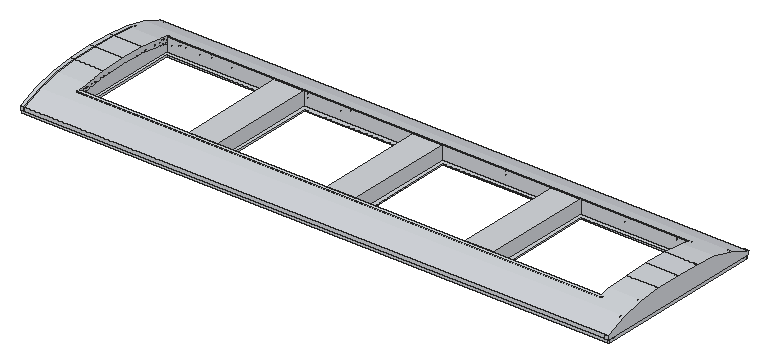
Revit family "Gira_021481", category Electrical Fixtures, host Face, Revit 2017
Family settings
  Host = Face
  Maintain Annotation Orientation = No
  Round Connector Dimension = Use Diameter
  Part Type = Normal
  Cut with Voids When Loaded = No
  Shared = No
  Room Calculation Point = No
Parameters (values of type "Cov.fr. 4-g interm.fr. CAl Gira Event anthra.")
  With mounting grid = "No"
  With hinged lid = "No"
  URL = "http://katalog.gira.de/en/datenblatt.html?artikelnr=021481"
  Type of fastening = "Clamp mounting"
  Transparent = "No"
  Surface protection = "Other"
  Suitable for wall duct = "No"
  Suitable for flush-mounted installation = "Yes"
  Suitable for floor box = "No"
  Suitable for built-in installation = "No"
  Number of units vertical = "4"
  Number of units horizontal = "4"
  Number of units = "4"
  Name = "Cov.fr. 4-g interm.fr. CAl Gira Event anthra."
  Mounting direction = "Horizontal and vertical"
  Material quality = "Thermoplastic"
  Material = "Plastic"
  Manufacturer URL = "https://www.gira.de/"
  Manufacturer = "Gira"
  Label space/information surface = "No"
  Keynote = ""
  HeinzeBIM = "https://bimportal.heinze.de/bim/cov-fr-4-g-interm-fr-cal-gira-event-anthra-/7f553d6e34e52bbea9c86c32de6e1b8b1a766fe1"
  Halogen free = "Yes"
  HAN = "021481"
  GTIN = "4010337214816"
  Description = "Cov.fr.4g i.fr.CAl Event AN,Gira Event frames,anthracite with colour aluminium intermediate frame,4-gang,Features:,- Shatter-proof."
  Degree of protection (IP) = "IP20"
  Default Elevation = 1219.2 mm
  Data sheet (1) = "https://katalog.gira.de/en/download.html?artikelnr=021481"
  Colour = "Anthracite"
  Category = "Cover frame for domestic switching devices"
  BIM (1) = "https://media.stage.bim.site/public/gira/36a6b08/Event_Rahmen_4fach.rfa"
  Available = "No"
Reference planes
  plane 1 "Center (Front/Back)": y = 0
  plane 2: z = 0
  plane 3 "Center (Left/Right)": x = 0
Forms (mm)
  Extrusion 1, solid, detail levels fine
    sketch origin (0, 0, 0.05) x (0, 1, 0) y (0, 0, 1)
      loop
        arc (12.445, 9.683) -> (6.223, 9.833) -> (0, 9.85) r 291.636
        arc (0, 9.85) -> (-6.223, 9.833) -> (-12.445, 9.683) r 291.636
        arc (-12.445, 9.683) -> (-29.14, 7.482) -> (-45, 1.823) r 79.728
        line (-45, 1.823) -> (-45, -0.05) -> (-42.086, -0.05)
        arc (-42.086, -0.05) -> (-21.385, 5.559) -> (0, 7.206) r 114.424
        arc (0, 7.206) -> (21.385, 5.559) -> (42.086, -0.05) r 114.424
        line (42.086, -0.05) -> (45, -0.05) -> (45, 1.823)
        arc (45, 1.823) -> (29.14, 7.482) -> (12.445, 9.683) r 79.728
    from -151.95 to 151.935
  Extrusion 2, void, detail levels fine
    sketch origin (0, 0, 0) x (1, 0, 0) y (0, 1, 0)
      loop
        line (134.95, 28.035) -> (-134.95, 28.035) -> (-134.95, -28.035) -> (134.95, -28.035) -> (134.95, 28.035)
    from 0.724 to 11
  Extrusion 3, solid, detail levels coarse
    sketch origin (0, 0, 0) x (1, 0, 0) y (0, 1, 0)
      loop
        line (-151.95, 45) -> (-151.95, -45) -> (151.935, -45) -> (151.935, 45) -> (-151.95, 45)
    from -1.5 to 9.9
  Extrusion 4, solid, detail levels medium
    sketch origin (0, 0, 0.05) x (0, 1, 0) y (0, 0, 1)
      loop
        arc (12.445, 9.683) -> (6.223, 9.833) -> (0, 9.85) r 291.636
        arc (0, 9.85) -> (-6.223, 9.833) -> (-12.445, 9.683) r 291.636
        arc (-12.445, 9.683) -> (-29.14, 7.482) -> (-45, 1.823) r 79.728
        line (-45, 1.823) -> (-45, -0.05) -> (45, -0.05) -> (45, 1.823)
        arc (45, 1.823) -> (29.14, 7.482) -> (12.445, 9.683) r 79.728
    from -151.95 to 151.935
  Extrusion 5, solid, detail levels fine
    sketch origin (-106.95, 0, -1.5) x (0, 1, 0) y (0, 0, -1)
      loop
        line (45, -3.373) -> (45, -1.5) -> (-45, -1.5) -> (-45, -3.373)
        arc (-45, -3.373) -> (-29.14, -9.032) -> (-12.445, -11.233) r 79.728
        arc (-12.445, -11.233) -> (-6.223, -11.383) -> (0, -11.4) r 291.636
        arc (0, -11.4) -> (6.223, -11.383) -> (12.445, -11.233) r 291.636
        arc (12.445, -11.233) -> (29.14, -9.032) -> (45, -3.373) r 79.728
    from 43 to 45
  Extrusion 6, solid, detail levels fine
    sketch origin (0, 0, 0) x (1, 0, 0) y (0, 1, 0)
      loop
        line (-132.85, 25.7) -> (-132.85, -25.7) -> (-81.05, -25.7) -> (-81.05, 25.7) -> (-132.85, 25.7)
      loop
        line (-9.755, -25.7) -> (-9.755, 25.7) -> (-61.555, 25.7) -> (-61.555, -25.7) -> (-9.755, -25.7)
      loop
        line (-135.845, 28.49) -> (-135.845, -28.495)
        spline (-135.845, -28.495) -> (-135.836, -28.625) -> (-135.811, -28.754) -> (-135.769, -28.878) -> (-135.711, -28.995) -> (-135.638, -29.104) -> (-135.552, -29.202) -> (-135.454, -29.288) -> (-135.345, -29.361) -> (-135.228, -29.419) -> (-135.104, -29.461) -> (-134.975, -29.486) -> (-134.845, -29.495)
        line (-134.845, -29.495) -> (134.845, -29.495)
        spline (134.845, -29.495) -> (134.975, -29.486) -> (135.104, -29.461) -> (135.228, -29.419) -> (135.345, -29.361) -> (135.454, -29.288) -> (135.552, -29.202) -> (135.638, -29.104) -> (135.711, -28.995) -> (135.769, -28.878) -> (135.811, -28.754) -> (135.836, -28.625) -> (135.845, -28.495)
        line (135.845, -28.495) -> (135.845, 28.49)
        spline (135.845, 28.49) -> (135.836, 28.62) -> (135.811, 28.748) -> (135.769, 28.872) -> (135.711, 28.99) -> (135.638, 29.098) -> (135.552, 29.197) -> (135.454, 29.283) -> (135.345, 29.356) -> (135.228, 29.413) -> (135.104, 29.456) -> (134.975, 29.481) -> (134.845, 29.49)
        line (134.845, 29.49) -> (-134.845, 29.49)
        spline (-134.845, 29.49) -> (-134.975, 29.481) -> (-135.104, 29.456) -> (-135.228, 29.413) -> (-135.345, 29.356) -> (-135.454, 29.283) -> (-135.552, 29.197) -> (-135.638, 29.098) -> (-135.711, 28.99) -> (-135.769, 28.872) -> (-135.811, 28.748) -> (-135.836, 28.62) -> (-135.845, 28.49)
      loop
        line (61.545, -25.7) -> (61.545, 25.7) -> (9.745, 25.7) -> (9.745, -25.7) -> (61.545, -25.7)
      loop
        line (132.85, -25.7) -> (132.85, 25.7) -> (81.05, 25.7) -> (81.05, -25.7) -> (132.85, -25.7)
    from 0.1 to 7.3
  Extrusion 7, solid
    sketch origin (0, 0, 0) x (1, 0, 0) y (0, 1, 0)
      loop
        arc (-151.65, -44.218) -> (-151.504, -44.572) -> (-151.15, -44.718) r 0.5
        line (-151.15, -44.718) -> (151.15, -44.718)
        arc (151.15, -44.718) -> (151.504, -44.572) -> (151.65, -44.218) r 0.5
        line (151.65, -44.218) -> (151.65, 44.182)
        arc (151.65, 44.182) -> (151.504, 44.535) -> (151.15, 44.682) r 0.5
        line (151.15, 44.682) -> (-151.15, 44.682)
        arc (-151.15, 44.682) -> (-151.504, 44.535) -> (-151.65, 44.182) r 0.5
        line (-151.65, 44.182) -> (-151.65, -44.218)
      loop
        line (-149.95, 42.982) -> (-149.95, -43.018) -> (149.95, -43.018) -> (149.95, 42.982) -> (-149.95, 42.982)
    from -1.5 to 0.5
  Extrusion 8, solid, detail levels fine
    sketch origin (106.935, 0, -1.5) x (0, 1, 0) y (0, 0, 1)
      loop
        arc (45, 3.373) -> (29.14, 9.032) -> (12.445, 11.233) r 79.728
        arc (12.445, 11.233) -> (6.223, 11.383) -> (0, 11.4) r 291.636
        arc (0, 11.4) -> (-6.223, 11.383) -> (-12.445, 11.233) r 291.636
        arc (-12.445, 11.233) -> (-29.14, 9.032) -> (-45, 3.373) r 79.728
        line (-45, 3.373) -> (-45, 1.5) -> (45, 1.5) -> (45, 3.373)
    from 43 to 45
  Extrusion 9, solid, detail levels medium
    sketch origin (0, 0, 0) x (1, 0, 0) y (0, 1, 0)
      loop
        line (-151.65, -44.718) -> (151.65, -44.718) -> (151.65, 44.682) -> (-151.65, 44.682) -> (-151.65, -44.718)
    from -1.5 to 0.5
  Extrusion 10, solid, detail levels fine
    sketch origin (-69.857, 0, 0) x (1, 0, 0) y (0, 1, 0)
      loop
        line (-8.943, 28.063) -> (-8.943, -27.937) -> (6.057, -27.937) -> (6.057, 28.063) -> (-8.943, 28.063)
    from 0.724 to 7.566
  Extrusion 11, solid, detail levels fine
    sketch origin (-1.443, 0, 0) x (-1, 0, 0) y (0, -1, 0)
      loop
        line (-8.943, -28.063) -> (6.057, -28.063) -> (6.057, 27.937) -> (-8.943, 27.937) -> (-8.943, -28.063)
    from 0.724 to 7.566
  Extrusion 12, solid, detail levels fine
    sketch origin (69.857, 0, 0) x (-1, 0, 0) y (0, -1, 0)
      loop
        line (-8.943, -28.063) -> (6.057, -28.063) -> (6.057, 27.937) -> (-8.943, 27.937) -> (-8.943, -28.063)
    from 0.724 to 7.566
Cuts and joins
  Extrusion 2 cuts Extrusion 1
  Extrusion 2 cuts Extrusion 6
Dimensions and locks
  aligned and locked: plane 2 to host face
  aligned and locked: level to host face
